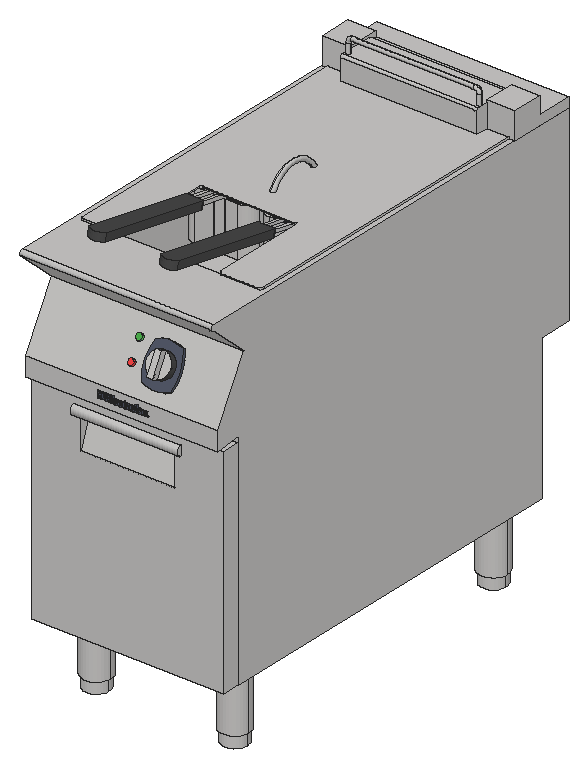
Revit family "QF_ELECTROLUXPROFESSIONAL_391178_E9FRED1HFN", category Specialty Equipment, Revit 2018
Family settings
  Round Connector Dimension = Use Diameter
  Part Type = Normal
  Work Plane-Based = No
  Always vertical = Yes
  Cut with Voids When Loaded = No
  Shared = No
  Room Calculation Point = No
Parameters
  Width = 400 mm  # constant formula
  Weight in Pounds = 57  # constant formula
  Watts = 0 W
  Volts = 230 V  # constant formula
  URL Cutsheet = "www.electrolux.com/foodservice"
  URL = "www.electrolux.com/foodservice"
  Type Mark [instance] = ""
  Status [instance] = ""
  Specification by User [instance] = ""
  Specification by Manufacturer = ""
  Show Logo [instance] = yes
  Show Clearance [instance] = yes
  Serial Number = ""
  Seismic Rating = ""
  SMACNA No = ""
  Revision Code [instance] = ""
  Phase = 3
  Omniclass Number and Title = ""
  Number of Poles [instance] = 1
  NAFEM Spec ID Number = ""
  Model = "391178"
  Min Ckt Ampacity = 0 A
  Max Overcurrent Protection = 0 A
  Masterspec = ""
  Manufacturer = "ELECTROLUX"
  Item Number [instance] = ""
  Installed By [instance] = ""
  Identify Quantity as Lot [instance] = yes
  Height = 906 mm  # constant formula
  HP = "22.1 HP"
  Furnished By [instance] = ""
  Foodservice Equipment Identifier [instance] = yes
  FL Amps = if(Phase = 3, Watts / (Volts * 1.73), Watts / Volts)  # 0 A
  Electrical Remarks [instance] = "230 V/3N ph/50/60 Hz"  # constant formula
  Electric Connection Type [instance] = ""
  Elec Conn RI Height [instance] = 0 mm
  Elec Conn Connection Height [instance] = 0 mm
  Direct Waste Size = 0"
  Description = "900XP ONE 18 LT WELL ELECTRIC FRYER -230 V"
  Depth = 930 mm  # constant formula
  Cycle = if([60 Hertz Option], 60 Hz, 50 Hz)  # 60 Hz
  Conn Plug = ""
  Conn Conduit = yes
  CSI MasterFormat = ""
  CSI Master Format = ""
  Base Height [instance] = 150 mm  # constant formula
  Apparent Power = if(Phase = 3, Volts * FL Amps * 1.73, Volts * FL Amps)  # 0 VA
  60 Hertz Option = not([50 Hertz Option])  # yes
  50 Hertz Option = no
Reference planes
  plane 1 "BACK": y = 0
  plane 2: z = 0
  plane 3 "LEFT": x = 0
  plane 4 "RIGHT": x = 400
  plane 5 "FRONT": y = -930
  plane 6 "TOP": z = 906
  plane 7 "Center Y": x = 200
  plane 8 "Center X": y = -465
  plane 9 "BASE": z = 601.763
  plane 10 "TOP A": z = 851
  plane 11: z = 150
  plane 12: y = -126
  plane 13: y = -800
  plane 14: y = -1273
  plane 15: x = 344
  plane 16: x = 344
  plane 17: x = 56
  plane 18: x = 344
  plane 19: y = -650
  plane 20: z = 915.999
  plane 21: z = 935
  plane 22: z = 935
Forms (mm)
  Extrusion 1, solid, material "QF_Finishes_Stainless Steel"
    sketch origin (0, 0, 0) x (0, 1, 0) y (0, 0, 1)
      loop
        line (0, 851) -> (-923.65, 851)
        arc (-923.65, 851) -> (-929.517, 847.08) -> (-928.14, 840.16) r 6.35
        line (-928.14, 840.16) -> (-846.919, 767.809) -> (-913.522, 646.953) -> (-913.522, 608.853) -> (-860.15, 614.463) -> (-860.15, 150) -> (-70, 150) -> (-70, 451.763) -> (0, 451.763) -> (0, 851)
      loop
        line (-900, 601.763) -> (-900, 150) -> (-861.737, 150) -> (-861.737, 601.763) -> (-900, 601.763)
    from 0 to 400
  Extrusion 2, void
    sketch origin (0, 0, 851) x (-1, 0, 0) y (0, -1, 0)
      loop
        line (-33.338, 90.124) -> (-33.338, 787.143) -> (-366.662, 787.143) -> (-366.662, 90.124) -> (-33.338, 90.124)
    from 0 to -152.4
  Extrusion 3, solid, material "QF_Finishes_Stainless Steel"
    sketch origin (0, 0, 851) x (-1, 0, 0) y (0, -1, 0)
      loop
        arc (-11.548, 780.793) -> (-13.408, 785.283) -> (-17.898, 787.143) r 6.35
        line (-17.898, 787.143) -> (-90.863, 787.143)
        arc (-90.863, 787.143) -> (-95.353, 785.283) -> (-97.213, 780.793) r 6.35
        line (-97.213, 780.793) -> (-97.213, 586.546)
        arc (-97.213, 586.546) -> (-99.072, 582.055) -> (-103.563, 580.196) r 6.35
        line (-103.563, 580.196) -> (-293.937, 580.196)
        arc (-293.937, 580.196) -> (-298.428, 582.055) -> (-300.287, 586.546) r 6.35
        line (-300.287, 586.546) -> (-300.287, 780.818)
        arc (-300.287, 780.818) -> (-302.14, 785.291) -> (-306.612, 787.143) r 6.325
        line (-306.612, 787.143) -> (-382.102, 787.143)
        arc (-382.102, 787.143) -> (-386.592, 785.283) -> (-388.452, 780.793) r 6.35
        line (-388.452, 780.793) -> (-388.452, 141.304) -> (-11.548, 141.304) -> (-11.548, 780.793)
    from 0 to 2.574
  Sweep 4, solid, material "QF_Finishes_Stainless Steel"
    path origin (200, 10.469, 0) x (0, 1, 0) y (0, 0, 1)
      loop
        arc (-423.261, 851) -> (-477.7, 884.779) -> (-532.139, 851) r 60.757
    profile origin (200, -467.231, 884.779) x (0, 0, -1) y (1, 0, 0)
      loop
        circle (0, 0) r 4.353
  Sweep 5, solid, material "QF_Finishes_Stainless Steel"
    path origin (-1.25, 0, 0) x (1, 0, 0) y (0, 0, 1)
      loop
        line (67.188, 851) -> (67.188, 922.65)
        arc (67.188, 922.65) -> (69.047, 927.14) -> (73.538, 929) r 6.35
        line (73.538, 929) -> (329.725, 929)
        arc (329.725, 929) -> (334.215, 927.14) -> (336.075, 922.65) r 6.35
        line (336.075, 922.65) -> (336.075, 851)
    profile origin (65.938, 0, 886.825) x (-1, 0, 0) y (0, -1, 0)
      loop
        circle (2.09, 153.254) r 3.827
  Extrusion 6, solid, material "QF_Finishes_Navy Blue"
    sketch origin (99.675, -913.522, 646.19) x (0, 0.482654, 0.875811) y (-1, 0, 0)
      loop
        arc (105.826, -132.614) -> (68.798, -123.683) -> (31.333, -130.552) r 91.794
        arc (31.333, -130.552) -> (24.218, -161.14) -> (31.333, -191.729) r 69.309
        arc (31.333, -191.729) -> (68.788, -198.45) -> (105.826, -189.715) r 93.659
        arc (105.826, -189.715) -> (112.066, -161.165) -> (105.826, -132.614) r 68.434
    from 0 to 3.175
  Extrusion 7, solid, material "QF_Finishes_Stainless Steel"
    sketch origin (99.675, -916.303, 647.723) x (0, 0.482654, 0.875811) y (-1, 0, 0)
      loop
        circle (68.826, -160.963) r 25.4
    from 0 to 12.7
  Extrusion 8, solid, material "QF_Finishes_Stainless Steel"
    sketch origin (99.675, -927.425, 653.853) x (0, 0.482654, 0.875811) y (-1, 0, 0)
      loop
        arc (93.558, -166.749) -> (94.226, -160.963) -> (93.558, -155.177) r 25.4
        line (93.558, -155.177) -> (44.094, -155.177)
        arc (44.094, -155.177) -> (43.426, -160.963) -> (44.094, -166.749) r 25.4
        line (44.094, -166.749) -> (93.558, -166.749)
    from 0 to 12.7
  Extrusion 9, solid, material "QF_Finishes_Green"
    sketch origin (39.327, -913.522, 646.19) x (0, 0.482654, 0.875811) y (-1, 0, 0)
      loop
        circle (98.315, -160.648) r 6.35
    from 0 to 3.175
  Extrusion 10, solid, material "QF_Finishes_Red"
    sketch origin (39.327, -920.158, 634.148) x (0, 0.482654, 0.875811) y (-1, 0, 0)
      loop
        circle (68.272, -160.648) r 6.35
    from 0 to 3.175
  Extrusion 11, solid, material "QF_Clearances", visible <- "Show Clearance", detail levels coarse
    sketch origin (0, 0, 0) x (1, 0, 0) y (0, 1, 0)
      loop
        line (0, -930) -> (0, 0) -> (400, 0) -> (400, -930) -> (550.019, -930) -> (550.019, 150.019) -> (-150.019, 150.019) -> (-150.019, -930) -> (0, -930)
    from 0 to 906
  Extrusion 12, solid, material "QF_Finishes_Stainless Steel"
    sketch origin (190.962, 109.846, 107.43) x (0, 0.984808, 0.173648) y (0, -0.173648, 0.984808)
      loop
        line (-552.44, 743.096) -> (-534.513, 844.764) -> (-598.426, 869.678) -> (-600.732, 863.761) -> (-541.671, 840.739) -> (-558.694, 744.199) -> (-552.44, 743.096)
    from -80.476 to -74.619
  Extrusion 13, solid, material "QF_Finishes_Stainless Steel"
    sketch origin (59.088, 109.846, 107.43) x (0, 0.984808, 0.173648) y (0, 0.173648, -0.984808)
      loop
        line (-534.513, -844.764) -> (-552.44, -743.096) -> (-558.694, -744.199) -> (-541.671, -840.739) -> (-600.732, -863.761) -> (-598.426, -869.678) -> (-534.513, -844.764)
    from -80.476 to -74.619
  Revolve 14, solid, material "QF_Finishes_Stainless Steel"
    sketch origin (0, -126, 608.09) x (0, 0, 1) y (-1, 0, 0)
      loop
        line (-608.09, -56) -> (-458.09, -56) -> (-458.09, -26) -> (-583.09, -26) -> (-583.09, -29.75) -> (-608.09, -29.75) -> (-608.09, -56)
      axis (-608.09, -56) -> (-458.09, -56)
    angle from 0 to 360
  Revolve 15, solid, material "QF_Finishes_Stainless Steel"
    sketch origin (400.05, -126, 608.09) x (0, 0, 1) y (-1, 0, 0)
      loop
        line (-608.09, 56.05) -> (-608.09, 29.8) -> (-583.09, 29.8) -> (-583.09, 26.05) -> (-458.09, 26.05) -> (-458.09, 56.05) -> (-608.09, 56.05)
      axis (-608.09, 56.05) -> (-458.09, 56.05)
    angle from 0 to 360
  Extrusion 16, solid, material "QF_Door-Drawer Clearances", visible <- "Show Clearance", detail levels coarse
    sketch origin (0, 0, 851) x (-1, 0, 0) y (0, -1, 0)
      loop
        line (-400, 1273) -> (-400, 900) -> (-0.912, 900)
        arc (-0.912, 900) -> (-126.87, 1165.233) -> (-400, 1273) r 400
    from -700.237 to -249.237
  Extrusion 17, solid, material "QF_Finishes_Stainless Steel"
    sketch origin (-77.88, -4717, 601) x (-1, 0, 0) y (0, -1, 0)
      loop
        circle (-421.88, -4067) r 12.7
    from -451 to -466
  Extrusion 18, solid, material "QF_Finishes_Stainless Steel"
    sketch origin (209.038, 109.846, 107.43) x (0, 0.984808, 0.173648) y (0, 0.173648, -0.984808)
      loop
        line (-534.513, -844.764) -> (-552.44, -743.096) -> (-558.694, -744.199) -> (-541.671, -840.739) -> (-600.732, -863.761) -> (-598.426, -869.678) -> (-534.513, -844.764)
    from -80.476 to -74.619
  Extrusion 19, solid, material "QF_Finishes_Stainless Steel"
    sketch origin (340.912, 109.846, 107.43) x (0, 0.984808, 0.173648) y (0, -0.173648, 0.984808)
      loop
        line (-552.44, 743.096) -> (-534.513, 844.764) -> (-598.426, 869.678) -> (-600.732, 863.761) -> (-541.671, 840.739) -> (-558.694, 744.199) -> (-552.44, 743.096)
    from -80.476 to -74.619
  Revolve 20, solid, material "QF_Finishes_Stainless Steel"
    sketch origin (400.05, -800, 608.09) x (0, 0, 1) y (-1, 0, 0)
      loop
        line (-608.09, 56.05) -> (-608.09, 29.8) -> (-583.09, 29.8) -> (-583.09, 26.05) -> (-458.09, 26.05) -> (-458.09, 56.05) -> (-608.09, 56.05)
      axis (-608.09, 56.05) -> (-458.09, 56.05)
    angle from 0 to 360
  Extrusion 21, solid, material "QF_Finishes_Mesh"
    sketch origin (0, -64.779, 844.25) x (-1, 0, 0) y (0, -1, 0)
      loop
        arc (-76.6, 120.481) -> (-58.64, 127.92) -> (-51.2, 145.881) r 25.4
        line (-51.2, 145.881) -> (-51.2, 481.11)
        arc (-51.2, 481.11) -> (-58.64, 499.071) -> (-76.6, 506.51) r 25.4
        line (-76.6, 506.51) -> (-166.875, 506.51)
        arc (-166.875, 506.51) -> (-184.836, 499.071) -> (-192.275, 481.11) r 25.4
        line (-192.275, 481.11) -> (-192.275, 145.881)
        arc (-192.275, 145.881) -> (-184.836, 127.92) -> (-166.875, 120.481) r 25.4
        line (-166.875, 120.481) -> (-76.6, 120.481)
      loop
        arc (-76.6, 123.656) -> (-60.885, 130.165) -> (-54.375, 145.881) r 22.225
        line (-54.375, 145.881) -> (-54.375, 481.11)
        arc (-54.375, 481.11) -> (-60.885, 496.826) -> (-76.6, 503.335) r 22.225
        line (-76.6, 503.335) -> (-166.875, 503.335)
        arc (-166.875, 503.335) -> (-182.591, 496.826) -> (-189.1, 481.11) r 22.225
        line (-189.1, 481.11) -> (-189.1, 145.881)
        arc (-189.1, 145.881) -> (-182.591, 130.165) -> (-166.875, 123.656) r 22.225
        line (-166.875, 123.656) -> (-76.6, 123.656)
    from -109 to -5.315
  Extrusion 22, solid, material "QF_Finishes_Mesh"
    sketch origin (400, -64.779, 844.25) x (1, 0, 0) y (0, 1, 0)
      loop
        line (-76.6, -120.481) -> (-166.875, -120.481)
        arc (-166.875, -120.481) -> (-184.836, -127.92) -> (-192.275, -145.881) r 25.4
        line (-192.275, -145.881) -> (-192.275, -481.11)
        arc (-192.275, -481.11) -> (-184.836, -499.071) -> (-166.875, -506.51) r 25.4
        line (-166.875, -506.51) -> (-76.6, -506.51)
        arc (-76.6, -506.51) -> (-58.64, -499.071) -> (-51.2, -481.11) r 25.4
        line (-51.2, -481.11) -> (-51.2, -145.881)
        arc (-51.2, -145.881) -> (-58.64, -127.92) -> (-76.6, -120.481) r 25.4
      loop
        line (-76.6, -123.656) -> (-166.875, -123.656)
        arc (-166.875, -123.656) -> (-182.591, -130.165) -> (-189.1, -145.881) r 22.225
        line (-189.1, -145.881) -> (-189.1, -481.11)
        arc (-189.1, -481.11) -> (-182.591, -496.826) -> (-166.875, -503.335) r 22.225
        line (-166.875, -503.335) -> (-76.6, -503.335)
        arc (-76.6, -503.335) -> (-60.885, -496.826) -> (-54.375, -481.11) r 22.225
        line (-54.375, -481.11) -> (-54.375, -145.881)
        arc (-54.375, -145.881) -> (-60.885, -130.165) -> (-76.6, -123.656) r 22.225
    from -109 to -5.315
  Extrusion 23, solid, material "QF_Finishes_Stainless Steel"
    sketch origin (200, 0, 0) x (0, 1, 0) y (0, 0, 1)
      loop
        line (-141.304, 894.806) -> (-141.304, 851) -> (0, 851) -> (0, 869.806) -> (-75.122, 869.806) -> (-75.122, 894.806) -> (-141.304, 894.806)
    from -200 to 200
  Extrusion 24, solid, material "QF_Finishes_Stainless Steel"
    sketch origin (0, 0, 0) x (0, 1, 0) y (0, 0, 1)
      loop
        line (-90.124, 901.625) -> (-161.384, 901.625)
        arc (-161.384, 901.625) -> (-164.92, 900.161) -> (-166.384, 896.625) r 5
        line (-166.384, 896.625) -> (-166.384, 851) -> (-90.124, 851) -> (-90.124, 901.625)
    from 57.61 to 342.39
  Extrusion 25, solid, material "QF_Finishes_Stainless Steel"
    sketch origin (200, -141.304, 894.806) x (0, 1, 0) y (-1, 0, 0)
      loop
        line (0, 200) -> (0, 142.39) -> (66.182, 142.39) -> (66.182, 200) -> (0, 200)
      loop
        line (0, -200) -> (66.182, -200) -> (66.182, -142.39) -> (0, -142.39) -> (0, -200)
    from 0 to 11.194
  Extrusion 26, solid, material "QF_Finishes_Black"
    sketch origin (59.038, -843.725, 906.181) x (0, 0.980628, -0.195878) y (-1, 0, 0)
      loop
        arc (-39.897, -47.345) -> (-50.124, -65.962) -> (-39.897, -84.58) r 22.059
        line (-39.897, -84.58) -> (214.638, -84.58)
        arc (214.638, -84.58) -> (217.113, -83.554) -> (218.138, -81.08) r 3.5
        line (218.138, -81.08) -> (218.138, -50.854)
        arc (218.138, -50.854) -> (217.11, -48.372) -> (214.629, -47.345) r 3.509
        line (214.629, -47.345) -> (-39.897, -47.345)
    from -15.884 to 0
  Extrusion 27, solid, material "QF_Finishes_Black"
    sketch origin (209.038, -843.725, 906.181) x (0, 0.980628, -0.195878) y (-1, 0, 0)
      loop
        arc (-39.897, -47.345) -> (-50.124, -65.962) -> (-39.897, -84.58) r 22.059
        line (-39.897, -84.58) -> (214.787, -84.58)
        arc (214.787, -84.58) -> (217.262, -83.554) -> (218.287, -81.08) r 3.5
        line (218.287, -81.08) -> (218.287, -50.854)
        arc (218.287, -50.854) -> (217.259, -48.372) -> (214.778, -47.345) r 3.509
        line (214.778, -47.345) -> (-39.897, -47.345)
    from -15.884 to 0
  Extrusion 28, void
    sketch origin (200, -12.863, 0) x (0, 1, 0) y (0, 0, 1)
      loop
        line (-887.138, 564.263) -> (-887.138, 500.55) -> (-863.948, 564.263) -> (-887.138, 564.263)
    from -96.424 to 99.144
  Extrusion 29, solid, material "QF_Finishes_Stainless Steel"
    sketch origin (200, -12.863, 22.5) x (0, 1, 0) y (0, 0, 1)
      loop
        line (-887.137, 541.763) -> (-887.137, 561.763)
        arc (-887.137, 561.763) -> (-897.137, 551.763) -> (-887.137, 541.763) r 10
    from -110.529 to 112.106
  Revolve 30, solid, material "QF_Finishes_Stainless Steel"
    sketch origin (0, -800, 608.09) x (0, 0, 1) y (1, 0, 0)
      loop
        line (-608.09, 56) -> (-608.09, 29.75) -> (-583.09, 29.75) -> (-583.09, 26) -> (-458.09, 26) -> (-458.09, 56) -> (-608.09, 56)
      axis (-608.09, 56) -> (-458.09, 56)
    angle from 0 to 360
  Extrusion 31, solid, material "QF_Finishes_Navy Blue", visible <- "Show Logo"
    sketch origin (0, -913.522, 608.853) x (0, 0, 1) y (-1, 0, 0)
      loop
        line (27.359, -159.055) -> (14.993, -159.055)
        arc (14.993, -159.055) -> (21.176, -163.626) -> (27.359, -159.055) r 6.467
      loop
        arc (27.359, -158.426) -> (26.19, -153.283) -> (21.534, -150.805) r 6.338
        line (21.534, -150.805) -> (21.534, -152.851)
        arc (21.534, -152.851) -> (23.018, -156.506) -> (26.464, -158.426) r 5.941
        line (26.464, -158.426) -> (27.359, -158.426)
      loop
        arc (15.888, -158.426) -> (19.334, -156.506) -> (20.817, -152.851) r 5.941
        line (20.817, -152.851) -> (20.817, -150.805)
        arc (20.817, -150.805) -> (16.123, -153.279) -> (14.834, -158.426) r 6.504
        line (14.834, -158.426) -> (15.888, -158.426)
      loop
        line (28.034, -150.336) -> (14.29, -150.336) -> (14.29, -164.099) -> (28.034, -164.099) -> (28.034, -150.336)
      loop
        arc (28.118, -167.066) -> (27.77, -166.709) -> (27.403, -167.047) r 0.358
        arc (27.403, -167.047) -> (27.089, -167.797) -> (26.372, -168.182) r 1.216
        line (26.372, -168.182) -> (15.959, -168.182)
        arc (15.959, -168.182) -> (15.299, -167.904) -> (14.903, -167.308) r 1.238
        arc (14.903, -167.308) -> (14.509, -167.057) -> (14.203, -167.411) r 0.358
        line (14.203, -167.411) -> (14.203, -177.29) -> (16.954, -177.29) -> (16.954, -176.393)
        arc (16.954, -176.393) -> (16.045, -175.813) -> (15.589, -174.836) r 1.928
        line (15.589, -174.836) -> (15.589, -172.337)
        arc (15.589, -172.337) -> (15.865, -171.608) -> (16.553, -171.244) r 1.101
        line (16.553, -171.244) -> (20.64, -171.244) -> (20.64, -174.917)
        arc (20.64, -174.917) -> (20.287, -175.414) -> (19.722, -175.642) r 1.083
        arc (19.722, -175.642) -> (19.459, -175.948) -> (19.751, -176.226) r 0.292
        line (19.751, -176.226) -> (22.713, -176.226)
        arc (22.713, -176.226) -> (23.016, -175.953) -> (22.777, -175.623) r 0.305
        arc (22.777, -175.623) -> (22.286, -175.375) -> (21.981, -174.917) r 1.083
        line (21.981, -174.917) -> (21.981, -171.244) -> (26.659, -171.244) -> (26.659, -174.991)
        arc (26.659, -174.991) -> (26.444, -175.747) -> (25.838, -176.245) r 1.314
        arc (25.838, -176.245) -> (25.619, -176.649) -> (25.973, -176.941) r 0.361
        line (25.973, -176.941) -> (28.118, -176.941) -> (28.118, -167.066)
      loop
        arc (27.4, -177.722) -> (27.02, -178.641) -> (26.101, -179.021) r 1.299
        line (26.101, -179.021) -> (16.522, -179.021)
        arc (16.522, -179.021) -> (15.684, -178.643) -> (15.413, -177.765) r 1.118
        line (15.413, -177.765) -> (14.203, -177.765) -> (14.203, -183.115) -> (15.391, -183.115)
        arc (15.391, -183.115) -> (15.663, -182.198) -> (16.533, -181.802) r 1.153
        line (16.533, -181.802) -> (28.605, -181.802) -> (27.4, -177.722)
      loop
        line (19.168, -185.751) -> (19.168, -192.198) -> (19.967, -192.198)
        arc (19.967, -192.198) -> (22.547, -191.214) -> (23.816, -188.76) r 3.874
        line (23.816, -188.76) -> (23.816, -187)
        arc (23.816, -187) -> (22.629, -184.135) -> (19.765, -182.949) r 4.051
        line (19.765, -182.949) -> (17.757, -182.949)
        arc (17.757, -182.949) -> (14.938, -184.434) -> (13.887, -187.441) r 4.352
        arc (13.887, -187.441) -> (14.251, -189.904) -> (15.629, -191.978) r 5.713
        line (15.629, -191.978) -> (16.578, -191.978)
        arc (16.578, -191.978) -> (15.845, -190.409) -> (15.629, -188.691) r 5.579
        arc (15.629, -188.691) -> (16.422, -186.728) -> (18.301, -185.751) r 3.057
        line (18.301, -185.751) -> (19.168, -185.751)
      loop
        line (20.427, -185.751) -> (20.427, -189.333)
        arc (20.427, -189.333) -> (21.884, -189.38) -> (22.767, -188.221) r 1.59
        line (22.767, -188.221) -> (22.767, -187.391)
        arc (22.767, -187.391) -> (21.902, -186.136) -> (20.427, -185.751) r 2.184
      loop
        arc (23.218, -201.616) -> (23.707, -199.942) -> (23.864, -198.205) r 9.023
        line (23.864, -198.205) -> (23.864, -196.843)
        arc (23.864, -196.843) -> (22.705, -194.043) -> (19.905, -192.883) r 3.959
        line (19.905, -192.883) -> (17.305, -192.883)
        arc (17.305, -192.883) -> (15.023, -194.176) -> (13.906, -196.549) r 4.331
        line (13.906, -196.549) -> (13.906, -198.684)
        arc (13.906, -198.684) -> (14.414, -200.234) -> (15.336, -201.58) r 5.772
        arc (15.336, -201.58) -> (16.098, -201.631) -> (16.184, -200.872) r 0.553
        arc (16.184, -200.872) -> (15.796, -200.138) -> (15.662, -199.319) r 2.573
        line (15.662, -199.319) -> (15.662, -197.804)
        arc (15.662, -197.804) -> (16.668, -196.162) -> (18.483, -195.52) r 2.884
        line (18.483, -195.52) -> (19.762, -195.52)
        arc (19.762, -195.52) -> (21.583, -196.08) -> (22.509, -197.745) r 2.554
        line (22.509, -197.745) -> (22.509, -198.798)
        arc (22.509, -198.798) -> (22.178, -199.726) -> (21.521, -200.461) r 2.564
        arc (21.521, -200.461) -> (21.299, -201.178) -> (21.909, -201.616) r 0.643
        line (21.909, -201.616) -> (23.218, -201.616)
      loop
        line (22.2, -201.886) -> (22.2, -203.387) -> (16.152, -203.387)
        arc (16.152, -203.387) -> (14.564, -204.045) -> (13.906, -205.633) r 2.246
        line (13.906, -205.633) -> (13.906, -207.217)
        arc (13.906, -207.217) -> (14.22, -208.081) -> (14.72, -208.853) r 4.06
        arc (14.72, -208.853) -> (15.453, -208.986) -> (15.704, -208.285) r 0.576
        arc (15.704, -208.285) -> (15.598, -207.759) -> (15.662, -207.227) r 1.69
        arc (15.662, -207.227) -> (16.204, -206.439) -> (17.11, -206.136) r 1.506
        line (17.11, -206.136) -> (22.248, -206.136) -> (22.248, -208.533) -> (22.805, -209.089) -> (23.626, -209.089) -> (23.626, -206.23) -> (26.857, -206.23) -> (22.2, -201.886)
      loop
        line (14.124, -209.987) -> (14.124, -215.374) -> (15.234, -215.374)
        arc (15.234, -215.374) -> (15.627, -214.423) -> (16.578, -214.029) r 1.345
        line (16.578, -214.029) -> (20.195, -214.029)
        arc (20.195, -214.029) -> (20.959, -214.621) -> (21.249, -215.543) r 1.615
        line (21.249, -215.543) -> (21.249, -217.099) -> (23.805, -217.784) -> (23.805, -216.401) -> (21.862, -213.842) -> (23.742, -213.842) -> (23.458, -211.136)
        arc (23.458, -211.136) -> (23.018, -210.606) -> (22.359, -210.807) r 0.621
        arc (22.359, -210.807) -> (21.959, -211.149) -> (21.465, -211.332) r 1.501
        line (21.465, -211.332) -> (16.578, -211.332)
        arc (16.578, -211.332) -> (15.627, -210.938) -> (15.234, -209.987) r 1.345
        line (15.234, -209.987) -> (14.124, -209.987)
      loop
        line (20.225, -217.321) -> (17.533, -217.321)
        arc (17.533, -217.321) -> (15.088, -218.629) -> (13.954, -221.159) r 4.288
        arc (13.954, -221.159) -> (13.89, -222.54) -> (13.954, -223.92) r 15.022
        arc (13.954, -223.92) -> (15.088, -226.451) -> (17.533, -227.758) r 4.288
        line (17.533, -227.758) -> (20.225, -227.758)
        arc (20.225, -227.758) -> (22.671, -226.451) -> (23.805, -223.92) r 4.288
        arc (23.805, -223.92) -> (23.868, -222.54) -> (23.805, -221.159) r 15.022
        arc (23.805, -221.159) -> (22.671, -218.629) -> (20.225, -217.321) r 4.288
      loop
        line (20.43, -220.435) -> (17.328, -220.435)
        arc (17.328, -220.435) -> (15.171, -222.592) -> (17.328, -224.749) r 2.157
        line (17.328, -224.749) -> (20.43, -224.749)
        arc (20.43, -224.749) -> (22.587, -222.592) -> (20.43, -220.435) r 2.157
      loop
        arc (27.411, -227.616) -> (27.041, -228.51) -> (26.147, -228.881) r 1.264
        line (26.147, -228.881) -> (16.282, -228.881)
        arc (16.282, -228.881) -> (15.412, -228.484) -> (15.141, -227.568) r 1.153
        line (15.141, -227.568) -> (14.203, -227.568) -> (14.203, -232.676) -> (15.131, -232.676)
        arc (15.131, -232.676) -> (15.49, -231.904) -> (16.282, -231.589) r 1.153
        line (16.282, -231.589) -> (28.605, -231.589) -> (27.411, -227.616)
      loop
        arc (22.531, -232.213) -> (22.332, -233.278) -> (21.363, -233.76) r 1.215
        line (21.363, -233.76) -> (16.343, -233.76)
        arc (16.343, -233.76) -> (14.728, -234.407) -> (14.008, -235.99) r 2.338
        line (14.008, -235.99) -> (14.008, -237.505)
        arc (14.008, -237.505) -> (14.182, -238.509) -> (14.684, -239.395) r 2.979
        line (14.684, -239.395) -> (14.203, -241.192) -> (14.203, -242.88) -> (23.629, -242.88) -> (23.335, -238.677) -> (22.548, -238.677)
        arc (22.548, -238.677) -> (22.192, -239.513) -> (21.44, -240.022) r 1.605
        line (21.44, -240.022) -> (16.337, -240.022)
        arc (16.337, -240.022) -> (15.917, -239.085) -> (15.844, -238.061) r 2.94
        arc (15.844, -238.061) -> (16.405, -236.96) -> (17.558, -236.517) r 1.724
        line (17.558, -236.517) -> (23.755, -236.517) -> (22.531, -232.213)
      loop
        line (23.559, -243.734) -> (21.887, -245.78) -> (18.713, -248.086) -> (15.257, -244.974)
        arc (15.257, -244.974) -> (15.02, -244.58) -> (15.042, -244.121) r 0.789
        line (15.042, -244.121) -> (14.203, -244.121) -> (14.203, -247.666) -> (15.029, -247.666)
        arc (15.029, -247.666) -> (15.372, -247.304) -> (15.862, -247.396) r 0.52
        line (15.862, -247.396) -> (17.661, -248.867) -> (15.543, -250.242)
        arc (15.543, -250.242) -> (15.142, -249.932) -> (15.055, -249.433) r 0.7
        line (15.055, -249.433) -> (14.203, -249.433) -> (14.203, -255.36) -> (15.09, -255.36)
        arc (15.09, -255.36) -> (15.157, -254.701) -> (15.552, -254.17) r 1.247
        line (15.552, -254.17) -> (19.751, -250.889) -> (22.198, -252.942) -> (23.559, -254.684) -> (23.559, -250.96) -> (22.074, -251.383) -> (20.553, -250.106) -> (22.253, -248.916) -> (23.559, -249.692) -> (23.559, -243.734)
    from 0 to 1.644
Cuts and joins
  Extrusion 2, Extrusion 28 cuts Extrusion 1
  joined: Extrusion 7, Extrusion 8
  joined: Extrusion 3, Sweep 4, Sweep 5, Extrusion 23, Extrusion 24, Extrusion 25
Lines and regions (mm)
  symbolic lines, style "QF_Clearances", visible <- "Show Clearance", detail levels coarse
    curve 1: line (-150.019, 150.019, 851) -> (-150.019, -930, 851)
    curve 2: line (550.019, 150.019, 851) -> (-150.019, 150.019, 851)
    curve 3: line (550.019, -930, 851) -> (550.019, 150.019, 851)
  symbolic lines
    curve 4: line (0, -930, 851) -> (0, 0, 851)
    curve 5: line (400, 0, 851) -> (400, -930, 851)
    curve 6: line (11.548, -141.304, 851) -> (11.548, -780.849, 851)
    curve 7: arc (11.548, -780.849, 851) -> (13.428, -785.386, 851) -> (17.965, -787.265, 851) r 6.416
    curve 8: line (17.965, -787.265, 851) -> (106.383, -787.265, 851)
    curve 9: arc (90.94, -787.265, 851) -> (95.375, -785.428, 851) -> (97.213, -780.993, 851) r 6.272
    curve 10: line (97.213, -780.993, 851) -> (97.213, -586.546, 851)
    curve 11: arc (97.213, -586.546, 851) -> (99.072, -582.055, 851) -> (103.563, -580.196, 851) r 6.35
    curve 12: line (103.563, -580.196, 851) -> (293.937, -580.196, 851)
    curve 13: arc (293.937, -580.196, 851) -> (298.428, -582.055, 851) -> (300.287, -586.546, 851) r 6.35
    curve 14: line (300.287, -586.546, 851) -> (300.287, -780.818, 851)
    curve 15: arc (300.287, -780.818, 851) -> (302.14, -785.291, 851) -> (306.613, -787.143, 851) r 6.325
    curve 16: line (293.617, -787.143, 851) -> (382.234, -787.143, 851)
    curve 17: arc (382.234, -787.143, 851) -> (386.63, -785.322, 851) -> (388.452, -780.925, 851) r 6.218
    curve 18: line (388.452, -780.925, 851) -> (388.452, -141.304, 851)
    curve 19: line (400, -141.304, 851) -> (342.39, -141.304, 851)
    curve 20: line (143.617, -887.764, 851) -> (143.617, -633.047, 851)
    curve 21: line (106.383, -633.056, 851) -> (106.383, -887.764, 851)
    curve 22: line (140.117, -629.666, 851) -> (109.892, -629.666, 851)
    curve 23: spline (143.617, -887.764, 851) -> (141.385, -890.426, 851) -> (138.694, -892.714, 851) -> (135.621, -894.563, 851) -> (132.25, -895.922, 851) -> (128.676, -896.753, 851) -> (125, -897.033, 851) -> (121.324, -896.753, 851) -> (117.75, -895.922, 851) -> (114.379, -894.563, 851) -> (111.306, -892.714, 851) -> (108.615, -890.426, 851) -> (106.383, -887.764, 851)
    curve 24: line (116.318, -580.196, 851) -> (116.318, -629.666, 851)
    curve 25: line (110.462, -629.666, 851) -> (110.462, -580.196, 851)
    curve 26: line (139.538, -580.196, 851) -> (139.538, -629.666, 851)
    curve 27: line (133.682, -629.666, 851) -> (133.682, -580.196, 851)
    curve 28: spline (106.383, -883.551, 851) -> (108.615, -886.214, 851) -> (111.306, -888.501, 851) -> (114.379, -890.351, 851) -> (117.75, -891.71, 851) -> (121.324, -892.541, 851) -> (125, -892.82, 851) -> (128.676, -892.541, 851) -> (132.25, -891.71, 851) -> (135.621, -890.351, 851) -> (138.694, -888.501, 851) -> (141.385, -886.214, 851) -> (143.617, -883.551, 851)
    curve 29: line (195.545, -518.432, 851) -> (195.545, -416.969, 851)
    curve 30: line (204.443, -416.969, 851) -> (204.443, -518.432, 851)
    curve 31: arc (195.545, -518.432, 851) -> (199.994, -522.882, 851) -> (204.443, -518.432, 851) r 4.449
    curve 32: arc (195.545, -416.969, 851) -> (199.994, -412.52, 851) -> (204.443, -416.969, 851) r 4.449
    curve 33: line (400, -930, 851) -> (0, -930, 851)
    curve 36: line (259.892, -629.666, 851) -> (290.117, -629.666, 851)
    curve 37: line (283.682, -580.196, 851) -> (283.682, -629.666, 851)
    curve 38: line (289.538, -629.666, 851) -> (289.538, -580.196, 851)
    curve 39: line (260.462, -580.196, 851) -> (260.462, -629.666, 851)
    curve 40: line (266.318, -629.666, 851) -> (266.318, -580.196, 851)
    curve 41: line (57.61, -75.122, 851) -> (57.61, -161.384, 851)
    curve 42: line (62.61, -166.384, 851) -> (337.39, -166.384, 851)
    curve 43: line (342.39, -161.384, 851) -> (342.39, -75.122, 851)
    curve 44: line (64.019, -149.27, 851) -> (336.918, -149.27, 851)
    curve 45: line (336.918, -157.167, 851) -> (64.019, -157.167, 851)
    curve 46: arc (336.918, -149.27, 851) -> (340.866, -153.219, 851) -> (336.918, -157.167, 851) r 3.948
    curve 47: arc (64.019, -149.27, 851) -> (60.071, -153.219, 851) -> (64.019, -157.167, 851) r 3.948
    curve 48: line (0, -75.122, 851) -> (400, -75.122, 851)
    curve 49: line (57.61, -90.124, 851) -> (342.39, -90.124, 851)
    curve 50: arc (337.39, -166.384, 851) -> (340.926, -164.92, 851) -> (342.39, -161.384, 851) r 5
    curve 51: arc (57.61, -161.384, 851) -> (59.074, -164.92, 851) -> (62.61, -166.384, 851) r 5
    curve 52: line (57.61, -141.304, 851) -> (0, -141.304, 851)
    curve 53: line (0, 0, 851) -> (400, 0, 851)
    curve 54: spline (293.617, -887.764, 851) -> (291.385, -890.426, 851) -> (288.694, -892.714, 851) -> (285.621, -894.563, 851) -> (282.25, -895.922, 851) -> (278.676, -896.753, 851) -> (275, -897.033, 851) -> (271.324, -896.753, 851) -> (267.75, -895.922, 851) -> (264.379, -894.563, 851) -> (261.306, -892.714, 851) -> (258.615, -890.426, 851) -> (256.383, -887.764, 851)
    curve 55: spline (256.383, -883.551, 851) -> (258.615, -886.214, 851) -> (261.306, -888.501, 851) -> (264.379, -890.351, 851) -> (267.75, -891.71, 851) -> (271.324, -892.541, 851) -> (275, -892.82, 851) -> (278.676, -892.541, 851) -> (282.25, -891.71, 851) -> (285.621, -890.351, 851) -> (288.694, -888.501, 851) -> (291.385, -886.214, 851) -> (293.617, -883.551, 851)
    curve 56: line (293.617, -633.047, 851) -> (293.617, -887.764, 851)
    curve 57: line (256.383, -887.764, 851) -> (256.383, -633.056, 851)
    curve 58: spline (259.892, -629.666, 851) -> (259.434, -629.695, 851) -> (258.983, -629.782, 851) -> (258.549, -629.924, 851) -> (258.137, -630.12, 851) -> (257.755, -630.367, 851) -> (257.41, -630.659, 851) -> (257.108, -630.992, 851) -> (256.853, -631.361, 851) -> (256.65, -631.759, 851) -> (256.502, -632.178, 851) -> (256.413, -632.613, 851) -> (256.383, -633.056, 851)
    curve 59: spline (293.617, -633.047, 851) -> (293.588, -632.606, 851) -> (293.498, -632.172, 851) -> (293.351, -631.753, 851) -> (293.149, -631.357, 851) -> (292.894, -630.989, 851) -> (292.592, -630.656, 851) -> (292.248, -630.365, 851) -> (291.867, -630.119, 851) -> (291.457, -629.924, 851) -> (291.023, -629.781, 851) -> (290.574, -629.695, 851) -> (290.117, -629.666, 851)
    curve 60: spline (109.892, -629.666, 851) -> (109.434, -629.695, 851) -> (108.983, -629.782, 851) -> (108.549, -629.924, 851) -> (108.137, -630.12, 851) -> (107.755, -630.367, 851) -> (107.41, -630.659, 851) -> (107.108, -630.992, 851) -> (106.853, -631.361, 851) -> (106.65, -631.759, 851) -> (106.502, -632.178, 851) -> (106.413, -632.613, 851) -> (106.383, -633.056, 851)
    curve 61: spline (143.617, -633.047, 851) -> (143.588, -632.606, 851) -> (143.498, -632.172, 851) -> (143.351, -631.753, 851) -> (143.149, -631.357, 851) -> (142.894, -630.989, 851) -> (142.592, -630.656, 851) -> (142.248, -630.365, 851) -> (141.867, -630.119, 851) -> (141.457, -629.924, 851) -> (141.023, -629.781, 851) -> (140.574, -629.695, 851) -> (140.117, -629.666, 851)
    curve 62: line (143.617, -787.143, 851) -> (256.383, -787.143, 851)
  symbolic lines, style "QF_Door-Drawer Clearances"
    curve 34: arc (4.082, -930, 851) -> (24.062, -1009.639, 851) -> (59.881, -1083.521, 851) r 400
    curve 35: line (59.881, -1083.521, 851) -> (325.76, -930, 851)
Dimensions and locks
  equal spacing: plane 3 "LEFT", plane 7 "Center Y", plane 4 "RIGHT"
  "Width": plane 3 "LEFT" to plane 4 "RIGHT"
  equal spacing: plane 5 "FRONT", plane 8 "Center X", plane 1 "BACK"
  "Depth": plane 5 "FRONT" to plane 1 "BACK"
  plane 1 "BACK" to plane 5 "FRONT" = 930 mm
  locked: plane 10 "TOP A" to plane 9 "BASE" at 249.238
  locked: plane 6 "TOP" to plane 10 "TOP A" at 55
  "Base Height": plane 11 to level
  plane 10 "TOP A" to plane 11 = 701 mm  (x3)
  "Height": plane 6 "TOP" to level
  plane 11 to level = 150 mm
  locked: Sweep 5 sketch curve to plane 10 "TOP A" at 78
  plane 1 "BACK" to plane 12 = 126 mm
  plane 12 to plane 13 = 674 mm
  locked: plane 6 "TOP" to Extrusion 23 sketch curve at 11.194
  locked: plane 6 "TOP" to Extrusion 24 sketch curve at 4.375
  plane 13 to cut or joined group of Extrusion 1, Extrusion 2, Extrusion 28 = 100 mm
  locked: plane 14 to plane 5 "FRONT" at 343
  plane 15 to plane 4 "RIGHT" = 56 mm
  plane 4 "RIGHT" to plane 16 = 56 mm
  plane 18 to plane 17 = 288 mm
  plane 17 to plane 3 "LEFT" = 56 mm
  plane 1 "BACK" to plane 19 = 650 mm
  plane 20 to plane 10 "TOP A" = 64.999 mm
  plane 10 "TOP A" to plane 22 = 84 mm
  plane 5 "FRONT" to plane 1 "BACK" = 930 mm
  plane 6 "TOP" to level = 906 mm
  plane 4 "RIGHT" to plane 3 "LEFT" = 400 mm
  Extrusion 16 to plane 5 "FRONT" = 343 mm
  aligned and locked: level to plane 2
  aligned and locked: plane 4 "RIGHT" to Extrusion 1
  aligned and locked: plane 6 "TOP" to Extrusion 11
  aligned and locked: plane 13 to Revolve 20
  aligned and locked: plane 12 to Revolve 14
  aligned and locked: plane 12 to Revolve 15
  aligned and locked: plane 4 "RIGHT" to Extrusion 23
  aligned and locked: plane 6 "TOP" to Extrusion 25
  aligned and locked: Extrusion 24 to cut or joined group of Extrusion 1, Extrusion 2, Extrusion 28
  aligned and locked: plane 14 to Extrusion 16 sketch curve
  aligned and locked: Extrusion 12 to Extrusion 26
  aligned and locked: Extrusion 17 to cut or joined group of Extrusion 1, Extrusion 2, Extrusion 28
  aligned and locked: plane 13 to Revolve 30
  aligned and locked: plane 19 to Extrusion 17
  aligned and locked: plane 5 "FRONT" to Extrusion 11  (x2)
  aligned and locked: plane 5 "FRONT" to curve 1
  aligned and locked: plane 5 "FRONT" to curve 3
Automatic sketch dimensions
  Extrusion 1 sketch curve to plane 11 = 0 mm  (x2)
  Extrusion 1 sketch curve to plane 1 "BACK" = 0 mm
  Extrusion 1 sketch curve to plane 9 "BASE" = 0 mm
  Extrusion 1 sketch curve to plane 10 "TOP A" = 0 mm
  Extrusion 1 sketch curve to plane 12 = 56 mm
  Extrusion 1 sketch curve to plane 9 "BASE" = 150 mm
  plane 9 "BASE" to Extrusion 1 sketch curve = 7.09 mm
  plane 9 "BASE" to Extrusion 1 sketch curve = 12.7 mm
  Extrusion 1 sketch curve to Extrusion 1 sketch curve = 38.1 mm
  Extrusion 1 sketch curve to plane 10 "TOP A" = 83.191 mm
  Extrusion 1 sketch curve to plane 10 "TOP A" = 10.84 mm
  plane 16 to Extrusion 2 sketch curve = 22.663 mm
  Extrusion 2 sketch curve to plane 17 = 22.662 mm
  Extrusion 2 sketch curve to plane 12 = 35.876 mm
  Extrusion 2 sketch curve to plane 13 = 12.857 mm
  Extrusion 3 sketch curve to plane 4 "RIGHT" = 11.548 mm
  Extrusion 3 sketch curve to Extrusion 3 sketch curve = 6.35 mm  (x3)
  Extrusion 3 sketch curve to plane 13 = 12.857 mm
  Extrusion 3 sketch curve to plane 16 = 37.387 mm
  Extrusion 3 sketch curve to plane 16 = 43.713 mm
  plane 17 to Extrusion 3 sketch curve = 47.563 mm
  Extrusion 3 sketch curve to plane 13 = 19.207 mm
  plane 17 to Extrusion 3 sketch curve = 41.213 mm
  plane 3 "LEFT" to Extrusion 3 sketch curve = 17.898 mm
  plane 3 "LEFT" to Extrusion 3 sketch curve = 11.548 mm
  Extrusion 3 sketch curve to plane 8 "Center X" = 121.546 mm
  plane 12 to Extrusion 3 sketch curve = 15.304 mm
  Sweep 4 sketch curve to plane 10 "TOP A" = 0 mm  (x2)
  Sweep 4 sketch curve to plane 8 "Center X" = 56.67 mm
  Sweep 4 sketch curve to plane 8 "Center X" = 2.231 mm
  Sweep 4 sketch curve to plane 10 "TOP A" = 26.978 mm
  Sweep 4 sketch curve to plane 7 "Center Y" = 0 mm
  Sweep 4 sketch curve to profile plane = 0 mm
  Sweep 5 sketch curve to plane 10 "TOP A" = 0 mm  (x2)
  plane 17 to Sweep 5 sketch curve = 9.937 mm
  Sweep 5 sketch curve to Sweep 5 sketch curve = 6.35 mm  (x2)
  Sweep 5 sketch curve to plane 16 = 15.525 mm
  Sweep 5 sketch curve to profile plane = 2.09 mm
  plane 1 "BACK" to Sweep 5 sketch curve = 153.254 mm
  plane 7 "Center Y" to Extrusion 6 sketch curve = 30.227 mm
  Extrusion 6 sketch curve to plane 16 = 52.596 mm
  Extrusion 6 sketch curve to Extrusion 6 sketch curve = 0 mm
  Extrusion 6 sketch curve to Extrusion 6 sketch curve = 12.3 mm  (x3)
  Extrusion 6 sketch curve to Extrusion 6 sketch curve = 34.925 mm  (x2)
  plane 7 "Center Y" to Extrusion 6 sketch curve = 4.5 mm
  Extrusion 6 sketch curve to Extrusion 6 sketch curve = 49.894 mm
  Extrusion 6 sketch curve to plane 16 = 28.883 mm
  Extrusion 8 sketch curve to Extrusion 8 sketch curve = 24.732 mm
  Extrusion 8 sketch curve to Extrusion 8 sketch curve = 0 mm
  Extrusion 9 sketch curve to plane 7 "Center Y" = 0.025 mm
  Extrusion 10 sketch curve to plane 7 "Center Y" = 0.025 mm
  plane 1 "BACK" to Extrusion 11 sketch curve = 0 mm
  Extrusion 11 sketch curve to plane 3 "LEFT" = 0 mm
  Extrusion 11 sketch curve to plane 4 "RIGHT" = 0 mm
  Extrusion 11 sketch curve to plane 3 "LEFT" = 150.019 mm
  plane 5 "FRONT" to Extrusion 11 sketch curve = 0 mm  (x2)
  plane 4 "RIGHT" to Extrusion 11 sketch curve = 150.019 mm
  Extrusion 11 sketch curve to plane 1 "BACK" = 150.019 mm
  plane 1 "BACK" to curve 53 = 0 mm
  curve 53 to plane 4 "RIGHT" = 0 mm
  curve 34 to plane 4 "RIGHT" = 0 mm
  plane 5 "FRONT" to curve 35 = 0 mm
  curve 4 to plane 3 "LEFT" = 0 mm
  plane 4 "RIGHT" to curve 3 = 150.019 mm
  curve 18 to plane 4 "RIGHT" = 11.548 mm
  curve 17 to curve 16 = 6.218 mm
  curve 43 to plane 16 = 1.61 mm
  curve 50 to curve 50 = 5 mm
  curve 46 to plane 16 = 7.082 mm
  curve 35 to plane 16 = 18.24 mm
  curve 15 to plane 13 = 19.182 mm
  curve 15 to plane 16 = 37.387 mm
  curve 15 to curve 15 = 6.325 mm
  curve 54 to plane 16 = 46.941 mm
  curve 55 to curve 54 = 0 mm
  curve 13 to curve 12 = 6.35 mm
  curve 54 to curve 56 = 3.442 mm
  curve 59 to curve 59 = 3.5 mm
  curve 59 to curve 38 = 0.579 mm
  curve 59 to curve 37 = 2.936 mm
  curve 55 to curve 55 = 18.617 mm
  curve 54 to curve 55 = 0 mm
  curve 37 to curve 40 = 17.363 mm
  curve 40 to curve 39 = 5.857 mm
  curve 39 to curve 58 = 0.57 mm
  curve 54 to curve 55 = 18.617 mm
  plane 7 "Center Y" to curve 31 = 4.443 mm
  curve 32 to plane 7 "Center Y" = 0.006 mm
  curve 23 to plane 7 "Center Y" = 52.941 mm
  curve 28 to curve 23 = 0 mm
  curve 62 to plane 13 = 12.857 mm
  curve 28 to curve 62 = 3.442 mm
  curve 61 to curve 61 = 3.5 mm
  curve 61 to curve 26 = 0.579 mm
  curve 61 to curve 27 = 2.936 mm
  curve 28 to curve 28 = 18.617 mm
  curve 23 to curve 28 = 0 mm
  curve 27 to curve 24 = 17.363 mm
  curve 24 to curve 25 = 5.857 mm
  curve 25 to curve 60 = 0.57 mm
  curve 23 to curve 28 = 18.617 mm
  curve 25 to curve 11 = 6.899 mm
  curve 11 to curve 10 = 6.35 mm
  curve 9 to curve 9 = 6.272 mm
  plane 17 to curve 47 = 8.019 mm
  curve 45 to curve 51 = 1.41 mm
  plane 17 to curve 34 = 3.881 mm
  plane 17 to curve 49 = 1.61 mm
  plane 3 "LEFT" to curve 7 = 17.965 mm
  curve 7 to curve 6 = 6.416 mm
  curve 34 to curve 4 = 4.082 mm
  curve 2 to plane 3 "LEFT" = 150.019 mm
  curve 1 to plane 1 "BACK" = 150.019 mm
  curve 41 to plane 12 = 50.878 mm
  curve 43 to curve 49 = 15.002 mm
  plane 12 to curve 52 = 15.304 mm
  plane 12 to curve 19 = 15.304 mm
  curve 52 to curve 47 = 7.966 mm
  curve 44 to curve 46 = 3.948 mm
  curve 45 to curve 43 = 4.217 mm
  plane 8 "Center X" to curve 29 = 48.031 mm
  curve 30 to plane 8 "Center X" = 53.432 mm
  curve 31 to curve 37 = 61.763 mm
  curve 13 to curve 36 = 43.121 mm
  curve 11 to curve 22 = 43.121 mm
  curve 36 to curve 59 = 3.381 mm
  curve 22 to curve 20 = 3.381 mm
  curve 22 to curve 21 = 3.39 mm
  curve 58 to curve 57 = 3.39 mm
  curve 7 to plane 13 = 19.151 mm
  curve 28 to plane 5 "FRONT" = 57.172 mm
  curve 55 to plane 5 "FRONT" = 57.172 mm
  curve 34 to plane 5 "FRONT" = 57 mm
  curve 55 to curve 54 = 4.213 mm  (x2)
  curve 28 to curve 23 = 4.213 mm
  curve 54 to curve 55 = 6.511 mm
  curve 23 to curve 28 = 6.511 mm
  curve 28 to curve 20 = 4.213 mm
  plane 10 "TOP A" to Extrusion 12 sketch curve = 2.752 mm
  Extrusion 12 sketch curve to plane 8 "Center X" = 166.75 mm
  Extrusion 12 sketch curve to Extrusion 12 sketch curve = 2.306 mm
  Extrusion 12 sketch curve to Extrusion 12 sketch curve = 42.039 mm
  Extrusion 12 sketch curve to Extrusion 12 sketch curve = 6.254 mm
  Extrusion 12 sketch curve to Extrusion 12 sketch curve = 59.061 mm
  Extrusion 12 sketch curve to Extrusion 12 sketch curve = 7.158 mm
  Extrusion 12 sketch curve to Extrusion 12 sketch curve = 18.997 mm
  plane 10 "TOP A" to Extrusion 13 sketch curve = 2.752 mm
  Extrusion 13 sketch curve to plane 8 "Center X" = 166.75 mm
  Extrusion 13 sketch curve to Extrusion 13 sketch curve = 2.306 mm
  Extrusion 13 sketch curve to Extrusion 13 sketch curve = 42.039 mm
  Extrusion 13 sketch curve to Extrusion 13 sketch curve = 6.254 mm
  Extrusion 13 sketch curve to Extrusion 13 sketch curve = 59.061 mm
  Extrusion 13 sketch curve to Extrusion 13 sketch curve = 7.158 mm
  Extrusion 13 sketch curve to Extrusion 13 sketch curve = 5.916 mm
  Revolve 14 sketch curve to level = 0 mm
  Revolve 14 sketch curve to plane 11 = 0 mm  (x2)
  Revolve 14 sketch curve to plane 17 = 0 mm  (x2)
  level to Revolve 14 sketch curve = 25 mm
  Revolve 14 sketch curve to Revolve 14 sketch curve = 20 mm
  Revolve 14 sketch curve to plane 17 = 26.25 mm
  plane 3 "LEFT" to Revolve 14 sketch curve = 26 mm
  Revolve 15 sketch curve to level = 0 mm
  Revolve 15 sketch curve to plane 11 = 0 mm  (x2)
  Revolve 15 sketch curve to plane 16 = 0 mm  (x2)
  level to Revolve 15 sketch curve = 25 mm
  plane 11 to Revolve 15 sketch curve = 20 mm
  Revolve 15 sketch curve to Revolve 15 sketch curve = 26.25 mm
  Revolve 15 sketch curve to plane 4 "RIGHT" = 26 mm
  Extrusion 16 sketch curve to plane 4 "RIGHT" = 0 mm
  plane 3 "LEFT" to Extrusion 16 sketch curve = 0.912 mm
  Extrusion 16 sketch curve to plane 5 "FRONT" = 30 mm
  Extrusion 17 sketch curve to plane 15 = 0 mm
  Extrusion 17 sketch curve to plane 13 = 150 mm
  plane 10 "TOP A" to Extrusion 18 sketch curve = 2.752 mm
  Extrusion 18 sketch curve to plane 8 "Center X" = 166.75 mm
  Extrusion 18 sketch curve to Extrusion 18 sketch curve = 2.306 mm
  Extrusion 18 sketch curve to Extrusion 18 sketch curve = 42.039 mm
  Extrusion 18 sketch curve to Extrusion 18 sketch curve = 6.254 mm
  Extrusion 18 sketch curve to Extrusion 18 sketch curve = 59.061 mm
  Extrusion 18 sketch curve to Extrusion 18 sketch curve = 7.158 mm
  Extrusion 18 sketch curve to Extrusion 18 sketch curve = 5.916 mm
  plane 10 "TOP A" to Extrusion 19 sketch curve = 2.752 mm
  Extrusion 19 sketch curve to plane 8 "Center X" = 166.75 mm
  Extrusion 19 sketch curve to Extrusion 19 sketch curve = 2.306 mm
  Extrusion 19 sketch curve to Extrusion 19 sketch curve = 42.039 mm
  Extrusion 19 sketch curve to Extrusion 19 sketch curve = 6.254 mm
  Extrusion 19 sketch curve to Extrusion 19 sketch curve = 59.061 mm
  Extrusion 19 sketch curve to Extrusion 19 sketch curve = 7.158 mm
  Extrusion 19 sketch curve to Extrusion 19 sketch curve = 18.997 mm
  Revolve 20 sketch curve to level = 0 mm
  Revolve 20 sketch curve to plane 11 = 0 mm  (x2)
  Revolve 20 sketch curve to plane 16 = 0 mm  (x2)
  level to Revolve 20 sketch curve = 25 mm
  plane 11 to Revolve 20 sketch curve = 20 mm
  Revolve 20 sketch curve to Revolve 20 sketch curve = 26.25 mm
  Revolve 20 sketch curve to plane 4 "RIGHT" = 26 mm
  Extrusion 21 sketch curve to Extrusion 21 sketch curve = 0 mm  (x8)
  Extrusion 21 sketch curve to plane 7 "Center Y" = 7.725 mm
  Extrusion 21 sketch curve to Extrusion 21 sketch curve = 3.175 mm
  Extrusion 21 sketch curve to plane 7 "Center Y" = 33.125 mm  (x2)
  plane 17 to Extrusion 21 sketch curve = 20.6 mm  (x2)
  Extrusion 21 sketch curve to plane 17 = 1.625 mm
  plane 12 to Extrusion 21 sketch curve = 59.26 mm
  Extrusion 21 sketch curve to plane 8 "Center X" = 80.89 mm
  Extrusion 22 sketch curve to Extrusion 22 sketch curve = 0 mm  (x8)
  Extrusion 22 sketch curve to plane 7 "Center Y" = 7.725 mm
  Extrusion 22 sketch curve to Extrusion 22 sketch curve = 3.175 mm
  Extrusion 22 sketch curve to plane 7 "Center Y" = 33.125 mm  (x2)
  plane 16 to Extrusion 22 sketch curve = 20.6 mm  (x2)
  Extrusion 22 sketch curve to plane 16 = 1.625 mm
  Extrusion 22 sketch curve to plane 12 = 59.26 mm
  plane 8 "Center X" to Extrusion 22 sketch curve = 80.89 mm
  Extrusion 23 sketch curve to plane 10 "TOP A" = 0 mm
  Extrusion 23 sketch curve to plane 1 "BACK" = 0 mm
  Extrusion 23 sketch curve to plane 12 = 50.878 mm
  plane 12 to Extrusion 23 sketch curve = 15.304 mm
  Extrusion 23 sketch curve to Extrusion 23 sketch curve = 18.806 mm
  Extrusion 24 sketch curve to plane 10 "TOP A" = 0 mm
  Extrusion 24 sketch curve to plane 6 "TOP" = 9.375 mm
  plane 12 to Extrusion 24 sketch curve = 40.384 mm
  Extrusion 24 sketch curve to plane 12 = 35.876 mm
  Extrusion 25 sketch curve to Extrusion 23 = 0 mm  (x5)
  Extrusion 23 to Extrusion 25 sketch curve = 0 mm
  Extrusion 25 sketch curve to Extrusion 25 sketch curve = 57.61 mm
  Extrusion 23 to Extrusion 25 sketch curve = 57.61 mm
  plane 17 to Extrusion 26 sketch curve = 50.383 mm
  Extrusion 26 sketch curve to Extrusion 26 sketch curve = 0 mm
  Extrusion 26 sketch curve to Extrusion 26 sketch curve = 11.832 mm
  plane 17 to Extrusion 26 sketch curve = 53.892 mm
  Extrusion 26 sketch curve to Extrusion 26 sketch curve = 242.693 mm
  Extrusion 26 sketch curve to Extrusion 26 sketch curve = 3.5 mm
  Extrusion 26 sketch curve to Extrusion 26 sketch curve = 18.617 mm
  plane 7 "Center Y" to Extrusion 27 sketch curve = 56.383 mm
  Extrusion 27 sketch curve to Extrusion 27 sketch curve = 0 mm
  Extrusion 27 sketch curve to Extrusion 27 sketch curve = 11.832 mm
  plane 7 "Center Y" to Extrusion 27 sketch curve = 59.892 mm
  Extrusion 27 sketch curve to Extrusion 27 sketch curve = 242.842 mm
  Extrusion 27 sketch curve to Extrusion 27 sketch curve = 3.5 mm
  Extrusion 27 sketch curve to Extrusion 27 sketch curve = 18.617 mm
  Extrusion 28 sketch curve to plane 5 "FRONT" = 30 mm
  Extrusion 28 sketch curve to Extrusion 28 sketch curve = 23.189 mm
  Extrusion 28 sketch curve to plane 9 "BASE" = 101.212 mm
  Extrusion 28 sketch curve to plane 9 "BASE" = 37.5 mm
  Extrusion 29 sketch curve to plane 5 "FRONT" = 30 mm
  Extrusion 29 sketch curve to plane 9 "BASE" = 37.5 mm
  Extrusion 29 sketch curve to Extrusion 29 sketch curve = 10 mm
  Revolve 30 sketch curve to level = 0 mm
  Revolve 30 sketch curve to plane 11 = 0 mm  (x2)
  plane 17 to Revolve 30 sketch curve = 0 mm  (x2)
  level to Revolve 30 sketch curve = 25 mm
  Revolve 30 sketch curve to Revolve 30 sketch curve = 20 mm
  Revolve 30 sketch curve to plane 17 = 26.25 mm
  plane 3 "LEFT" to Revolve 30 sketch curve = 26 mm
  Extrusion 31 sketch curve to Extrusion 1 = 8.846 mm
  Extrusion 31 sketch curve to Extrusion 1 = 13.887 mm
  Extrusion 31 sketch curve to Extrusion 1 = 13.906 mm
  Extrusion 31 sketch curve to Extrusion 31 sketch curve = 0 mm  (x28)
  Extrusion 31 sketch curve to Extrusion 31 sketch curve = 5.108 mm  (x2)
  Extrusion 31 sketch curve to Extrusion 31 sketch curve = 0.054 mm
  Extrusion 31 sketch curve to Extrusion 31 sketch curve = 0.218 mm
  Extrusion 31 sketch curve to Extrusion 31 sketch curve = 0.195 mm
  Extrusion 31 sketch curve to Extrusion 31 sketch curve = 0.249 mm
  Extrusion 31 sketch curve to Extrusion 1 = 14.203 mm
  Extrusion 31 sketch curve to Extrusion 31 sketch curve = 0.087 mm
  Extrusion 31 sketch curve to Extrusion 31 sketch curve = 0.358 mm
  Extrusion 31 sketch curve to Extrusion 31 sketch curve = 0.481 mm
  Extrusion 31 sketch curve to Extrusion 31 sketch curve = 0.597 mm
  Extrusion 31 sketch curve to Extrusion 31 sketch curve = 0.544 mm
  Extrusion 31 sketch curve to Extrusion 31 sketch curve = 0.936 mm
  Extrusion 31 sketch curve to Extrusion 31 sketch curve = 0.594 mm
  Extrusion 31 sketch curve to Extrusion 31 sketch curve = 0.343 mm
  Extrusion 31 sketch curve to Extrusion 31 sketch curve = 0.159 mm
  Extrusion 31 sketch curve to Extrusion 31 sketch curve = 0.826 mm
  Extrusion 31 sketch curve to Extrusion 31 sketch curve = 0.839 mm
  Extrusion 31 sketch curve to Extrusion 31 sketch curve = 0.852 mm
  Extrusion 31 sketch curve to Extrusion 31 sketch curve = 0.887 mm
  Extrusion 31 sketch curve to Extrusion 31 sketch curve = 0.928 mm
  Extrusion 31 sketch curve to Extrusion 31 sketch curve = 0.938 mm
  Extrusion 31 sketch curve to Extrusion 31 sketch curve = 0.444 mm
  Extrusion 31 sketch curve to Extrusion 31 sketch curve = 1.11 mm  (x3)
  Extrusion 31 sketch curve to Extrusion 31 sketch curve = 0.215 mm
  Extrusion 31 sketch curve to Extrusion 31 sketch curve = 1.43 mm
  Extrusion 31 sketch curve to Extrusion 31 sketch curve = 1.188 mm
  Extrusion 31 sketch curve to Extrusion 31 sketch curve = 1.21 mm  (x2)
  Extrusion 31 sketch curve to Extrusion 31 sketch curve = 0.503 mm
  Extrusion 31 sketch curve to Extrusion 31 sketch curve = 0.488 mm
  Extrusion 31 sketch curve to Extrusion 31 sketch curve = 0.462 mm
  Extrusion 31 sketch curve to Extrusion 31 sketch curve = 1.386 mm
  Extrusion 31 sketch curve to Extrusion 31 sketch curve = 1.742 mm  (x2)
  Extrusion 31 sketch curve to Extrusion 31 sketch curve = 0.821 mm
  Extrusion 31 sketch curve to Extrusion 31 sketch curve = 0.497 mm
  Extrusion 31 sketch curve to Extrusion 31 sketch curve = 0.539 mm
  Extrusion 31 sketch curve to Extrusion 31 sketch curve = 0.199 mm
  Extrusion 31 sketch curve to Extrusion 31 sketch curve = 0.408 mm
  Extrusion 31 sketch curve to Extrusion 31 sketch curve = 0.528 mm
  Extrusion 31 sketch curve to Extrusion 31 sketch curve = 1.16 mm
  Extrusion 31 sketch curve to Extrusion 31 sketch curve = 0.329 mm
  Extrusion 31 sketch curve to Extrusion 31 sketch curve = 1.054 mm
  Extrusion 31 sketch curve to Extrusion 31 sketch curve = 1.056 mm
  Extrusion 31 sketch curve to Extrusion 31 sketch curve = 0.129 mm
  Extrusion 31 sketch curve to Extrusion 31 sketch curve = 0.489 mm
  Extrusion 31 sketch curve to Extrusion 31 sketch curve = 0.441 mm
  Extrusion 31 sketch curve to Extrusion 31 sketch curve = 1.151 mm
  Extrusion 31 sketch curve to Extrusion 31 sketch curve = 1.141 mm  (x2)
  Extrusion 31 sketch curve to Extrusion 31 sketch curve = 0.768 mm
  Extrusion 31 sketch curve to Extrusion 31 sketch curve = 1.653 mm
  Extrusion 31 sketch curve to Extrusion 31 sketch curve = 0.499 mm
  Extrusion 31 sketch curve to Extrusion 31 sketch curve = 0.964 mm
  Extrusion 31 sketch curve to Extrusion 31 sketch curve = 0.949 mm
  Extrusion 31 sketch curve to Extrusion 31 sketch curve = 1.345 mm  (x3)
  Extrusion 31 sketch curve to Extrusion 31 sketch curve = 1.101 mm
  Extrusion 31 sketch curve to Extrusion 31 sketch curve = 0.432 mm
  Extrusion 31 sketch curve to Extrusion 31 sketch curve = 1.142 mm
  Extrusion 31 sketch curve to Extrusion 31 sketch curve = 0.959 mm
  Extrusion 31 sketch curve to Extrusion 31 sketch curve = 0.176 mm
  Extrusion 31 sketch curve to Extrusion 31 sketch curve = 0.728 mm
  Extrusion 31 sketch curve to Extrusion 31 sketch curve = 3.375 mm  (x2)
  Extrusion 31 sketch curve to Extrusion 31 sketch curve = 0.541 mm
  Extrusion 31 sketch curve to Extrusion 31 sketch curve = 0.955 mm
  Extrusion 31 sketch curve to Extrusion 31 sketch curve = 1.251 mm
  Extrusion 31 sketch curve to Extrusion 31 sketch curve = 0.572 mm
  Extrusion 31 sketch curve to Extrusion 31 sketch curve = 1.92 mm
  Extrusion 31 sketch curve to Extrusion 31 sketch curve = 1.224 mm
  Extrusion 31 sketch curve to Extrusion 31 sketch curve = 0.745 mm
  Extrusion 31 sketch curve to Extrusion 31 sketch curve = 2.537 mm
  Extrusion 31 sketch curve to Extrusion 31 sketch curve = 0.896 mm  (x3)
  Extrusion 31 sketch curve to Extrusion 31 sketch curve = 0.036 mm
  Extrusion 31 sketch curve to Extrusion 31 sketch curve = 2.607 mm
  Extrusion 31 sketch curve to Extrusion 31 sketch curve = 0.066 mm
  Extrusion 31 sketch curve to Extrusion 31 sketch curve = 0.248 mm
  Extrusion 31 sketch curve to Extrusion 31 sketch curve = 0.449 mm
  Extrusion 31 sketch curve to Extrusion 31 sketch curve = 1.052 mm
  Extrusion 31 sketch curve to Extrusion 31 sketch curve = 1.863 mm
  Extrusion 31 sketch curve to Extrusion 31 sketch curve = 1.31 mm  (x2)
  Extrusion 31 sketch curve to Extrusion 31 sketch curve = 0.901 mm
  Extrusion 31 sketch curve to Extrusion 31 sketch curve = 1.107 mm
  Extrusion 31 sketch curve to Extrusion 31 sketch curve = 2.122 mm
  Extrusion 31 sketch curve to Extrusion 31 sketch curve = 2.101 mm
  Extrusion 31 sketch curve to Extrusion 31 sketch curve = 0.106 mm
  Extrusion 31 sketch curve to Extrusion 31 sketch curve = 0.029 mm
  Extrusion 31 sketch curve to Extrusion 31 sketch curve = 2.09 mm
  Extrusion 31 sketch curve to Extrusion 31 sketch curve = 1.279 mm
  Extrusion 31 sketch curve to Extrusion 31 sketch curve = 2.008 mm
  Extrusion 31 sketch curve to Extrusion 31 sketch curve = 0.738 mm
  Extrusion 31 sketch curve to Extrusion 31 sketch curve = 0.382 mm
  Extrusion 31 sketch curve to Extrusion 31 sketch curve = 0.384 mm
  Extrusion 31 sketch curve to Extrusion 31 sketch curve = 0.002 mm
  Extrusion 31 sketch curve to Extrusion 31 sketch curve = 0.561 mm
  Extrusion 31 sketch curve to Extrusion 31 sketch curve = 0.592 mm
  Extrusion 31 sketch curve to Extrusion 31 sketch curve = 2.692 mm
  Extrusion 31 sketch curve to Extrusion 31 sketch curve = 1.259 mm
  Extrusion 31 sketch curve to Extrusion 31 sketch curve = 0.802 mm
  Extrusion 31 sketch curve to Extrusion 31 sketch curve = 1.024 mm  (x2)
  Extrusion 31 sketch curve to Extrusion 31 sketch curve = 0.682 mm
  Extrusion 31 sketch curve to Extrusion 31 sketch curve = 5.934 mm
  Extrusion 31 sketch curve to Extrusion 31 sketch curve = 2.186 mm
  Extrusion 31 sketch curve to Extrusion 31 sketch curve = 0.337 mm
  Extrusion 31 sketch curve to Extrusion 31 sketch curve = 0.021 mm
  Extrusion 31 sketch curve to Extrusion 31 sketch curve = 1.005 mm
  Extrusion 31 sketch curve to Extrusion 31 sketch curve = 0.552 mm
  Extrusion 31 sketch curve to Extrusion 31 sketch curve = 0.778 mm
  Extrusion 31 sketch curve to Extrusion 31 sketch curve = 0.063 mm
  Extrusion 31 sketch curve to Extrusion 31 sketch curve = 1.023 mm
  Extrusion 31 sketch curve to Extrusion 31 sketch curve = 3.804 mm
